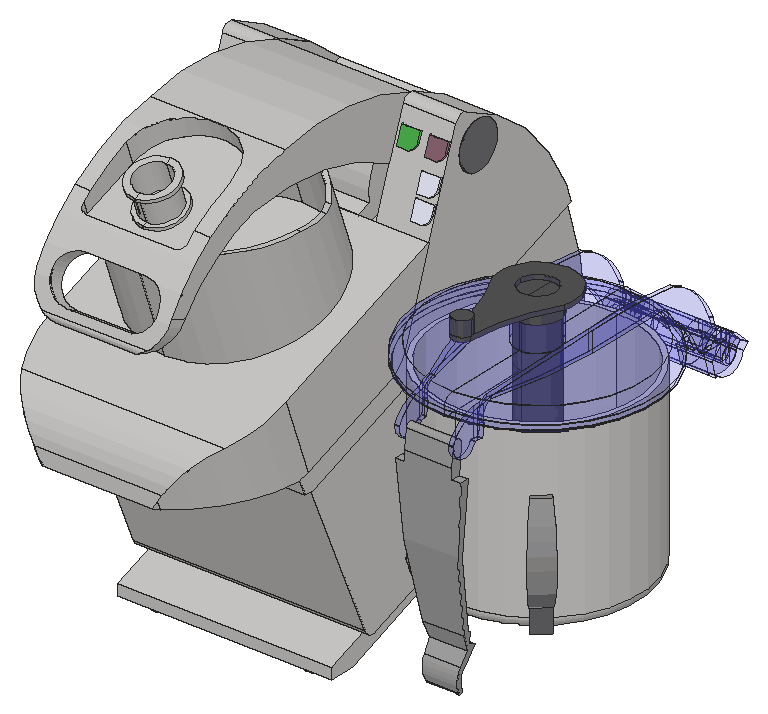
Revit family "QF_ELECTROLUXPROFESSIONAL_600493_TRK45YU", category Specialty Equipment, Revit 2018 (continued)
Definition of nested family "QF_600493_BOWL"
  Lines and regions (mm)
    symbolic lines
      curve 50: arc (40.771, 54.948, 0) -> (114.476, -69.566, 0) -> (21.15, -180.138, 0) r 124.909
      curve 51: arc (-60.771, 41.751, 0) -> (-122.562, -68.863, 0) -> (-42.781, -167.295, 0) r 112.979
      curve 52: line (93.154, -162.392, 0) -> (78.293, -147.531, 0)
      curve 53: line (93.154, -162.392, 0) -> (74.048, -178.424, 0)
      curve 54: line (74.048, -178.424, 0) -> (61.96, -161.274, 0)
      curve 55: arc (-37.781, -168.686, 0) -> (-23.999, -171.284, 0) -> (-10, -172.155, 0) r 112.979
      curve 56: arc (-41.15, -180.138, 0) -> (-94.625, -151.05, 0) -> (-128, -100.142, 0) r 124.909
      curve 57: arc (22.781, -167.295, 0) -> (102.562, -68.863, 0) -> (40.771, 41.751, 0) r 112.979
      curve 58: arc (16.15, -181.317, 0) -> (3.148, -183.391, 0) -> (-10, -184.085, 0) r 124.909
      curve 59: line (16.15, -211, 0) -> (16.15, -177.864, 0)
      curve 60: line (-36.15, -211, 0) -> (-36.15, -177.864, 0)
      curve 61: line (-41.15, -211, 0) -> (21.15, -211, 0)
      curve 62: line (22.008, -210.888, 0) -> (22.008, -197.61, 0)
      curve 63: spline (-42.008, -197.61, 0) -> (-41.937, -197.617, 0) -> (-41.865, -197.622, 0) -> (-41.794, -197.626, 0) -> (-41.722, -197.627, 0) -> (-41.651, -197.627, 0) -> (-41.579, -197.625, 0) -> (-41.508, -197.621, 0) -> (-41.436, -197.615, 0) -> (-41.365, -197.608, 0) -> (-41.293, -197.598, 0) -> (-41.222, -197.587, 0) -> (-41.15, -197.574, 0)
      curve 64: line (-42.008, -210.888, 0) -> (-42.008, -197.61, 0)
      curve 65: arc (-128, -18.211, 0) -> (-101.973, 25.34, 0) -> (-60.771, 54.948, 0) r 124.909
      curve 66: arc (-128, -100.142, 0) -> (-134.909, -59.177, 0) -> (-128, -18.211, 0) r 124.909
      curve 67: line (-108, -177.764, 0) -> (-49.233, -177.764, 0)
      curve 68: line (-128, 191, 0) -> (-128, -17.764, 0)
      curve 69: line (29.233, -177.764, 0) -> (108, -177.764, 0)
      curve 70: line (-128, -97.764, 0) -> (-128, -157.764, 0)
      curve 71: line (-108, 211, 0) -> (108, 211, 0)
      curve 72: arc (-128, -157.764, 0) -> (-122.142, -171.906, 0) -> (-108, -177.764, 0) r 20
      curve 73: arc (108, -177.764, 0) -> (122.142, -171.906, 0) -> (128, -157.764, 0) r 20
      curve 74: arc (128, 191, 0) -> (122.142, 205.142, 0) -> (108, 211, 0) r 20
      curve 75: arc (-108, 211, 0) -> (-122.142, 205.142, 0) -> (-128, 191, 0) r 20
      curve 76: line (45.852, 123.86, 0) -> (-71.073, 123.86, 0)
      curve 77: line (45.852, 137.378, 0) -> (-65.852, 137.378, 0)
      curve 78: line (45.852, 143.082, 0) -> (-65.852, 143.082, 0)
      curve 79: line (53.607, 123.86, 0) -> (45.852, 123.86, 0)
      curve 80: line (45.852, 123.86, 0) -> (45.852, 170.216, 0)
      curve 81: line (45.852, 170.216, 0) -> (-65.852, 170.216, 0)
      curve 82: line (-65.852, 170.216, 0) -> (-65.852, 123.86, 0)
      curve 83: line (102.599, 101.361, 0) -> (117.599, 101.361, 0)
  Dimensions and locks
    plane 4 "TOP" to level = 705.4 mm  (x2)
    plane 7 "LEFT" to plane 3 "Center (Left/Right)" to plane 8 "RIGHT" = 128 mm, 128 mm
    plane 6 "BACK" to plane 1 "Center (Front/Back)" to plane 5 "FRONT" = 211 mm, 211 mm
    plane 6 "BACK" to plane 5 "FRONT" = 422 mm
    plane 7 "LEFT" to plane 8 "RIGHT" = 256 mm
    plane 9 "CenterX" to plane 3 "Center (Left/Right)" = 10 mm
    plane 12 to level = 510 mm
    aligned and locked: level to plane 2
    aligned and locked: Extrusion 5 to cut or joined group of Extrusion 8, Extrusion 9, Extrusion 11, Extrusion 20
